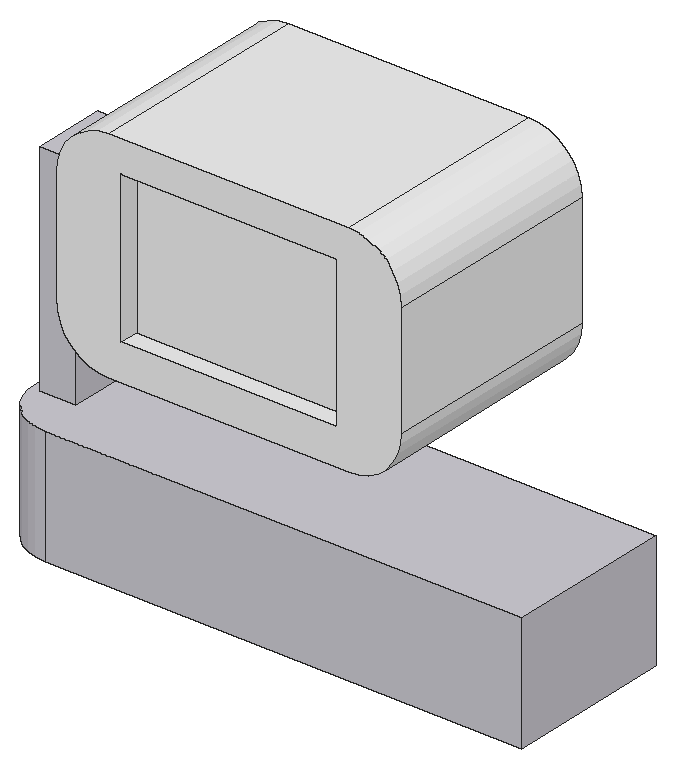
Revit family "Lighting-Track-Amerlux-DWW", category Lighting Fixtures, host Face, Revit 2020
Family settings
  Host = Face
  Round Connector Dimension = Use Diameter
  Part Type = Normal
  Cut with Voids When Loaded = No
  Light Source = No
  Shared = No
  Room Calculation Point = No
Parameters
  Voltage = 0 V
  Power Factor = 1
  Number of Poles = 1
  Material = Silver Finish
  Length = 7 1/2"
  Lamp = "LED"
  Input Wattage = ""
  URL = "http://www.amerlux.com"
  Model = "DWW"
  Manufacturer = "Amerlux"
  Keynote = ""
  Finish = ""
  Description = "Track Light Wallwash"
  Default Elevation = 48"
  Assembly Code = ""
  Apparent Load = 0 VA
Reference planes (in)
  plane 1 "Center (Front/Back)": y = 3.3831
  plane 2: z = -0.58996
  plane 3 "Center (Left/Right)": x = 0.98464
  plane 4: x = -2.76536
  plane 5: x = 4.73464
  plane 6: y = 4.5706
  plane 7: y = 2.1956
  plane 8: z = 4.66021
  plane 9: z = 4.29533
Forms (in)
  Extrusion 1, solid, material "White Finish"
    sketch origin (0, 3.3831, 0) x (-1, 0, 0) y (0, 0, 1)
      loop
        line (2.63141, 4.75544) -> (2.11992, 4.75544) -> (2.11992, 1.65489) -> (2.63141, 1.65489) -> (2.63141, 4.75544)
    from -0.51447 to 0.51928
  Extrusion 2, solid, material "White Finish"
    sketch origin (0.98464, 0, 0.01563) x (0, -1, 0) y (0, 0, 1)
      loop
        circle (-3.3831, 4.26393) r 0.5376
    from 2.70202 to 3.10456
  Extrusion 3, solid, material "White Finish"
    sketch origin (0, 0, 0) x (1, 0, 0) y (0, 1, 0)
      loop
        arc (-2.01536, 4.5706) -> (-2.54569, 4.35093) -> (-2.76536, 3.8206) r 0.75
        line (-2.76536, 3.8206) -> (-2.76536, 2.9456)
        arc (-2.76536, 2.9456) -> (-2.54569, 2.41527) -> (-2.01536, 2.1956) r 0.75
        line (-2.01536, 2.1956) -> (4.73464, 2.1956) -> (4.73464, 4.5706) -> (-2.01536, 4.5706)
    from 0 to 1.65489
Dimensions and locks (in)
  equal spacing: plane 5, plane 3 "Center (Left/Right)", plane 4
  plane 5 to plane 4 = 7 1/2"
  equal spacing: plane 6, plane 1 "Center (Front/Back)", plane 7
  plane 6 to plane 7 = 2 3/8"
  "Length": plane 5 to plane 4
  locked: level to plane 9 at 4.29533
  aligned and locked: plane 2 to host face
  aligned and locked: Extrusion 2 to Extrusion 1
  aligned and locked: plane 6 to Extrusion 3 sketch curve
  aligned and locked: plane 4 to Extrusion 3 sketch curve
  aligned and locked: Extrusion 3 sketch curve to plane 7
  aligned and locked: Extrusion 3 sketch curve to plane 5
Automatic sketch dimensions
  host sketch curve to host sketch curve = 21.49768"
  host sketch curve to host sketch curve = 12.39607"
  plane 8 to Extrusion 1 sketch curve = 0.09523"
  plane 4 to Extrusion 1 sketch curve = 0.64544"
  plane 4 to Extrusion 1 sketch curve = 0.13396"
  level to Extrusion 1 sketch curve = 1.65489"
  Extrusion 2 sketch curve to plane 1 "Center (Front/Back)" = 0"
  plane 1 "Center (Front/Back)" to Extrusion 3 sketch curve = 7/16"
  Extrusion 3 sketch curve to plane 1 "Center (Front/Back)" = 7/16"
  Extrusion 2 sketch curve to plane 8 = 0.38065"
  radius of Extrusion 2 sketch curve = 0.5376"
Nested families (in)
  nested 1: "Track Head" at (0.73464, 2.5081, 4.36217) x (1, 0, 0) z (0, 1, 0), type "Track Head"
Connectors (in)
  electrical at (-0.01536, 3.3831, 0), driven by "Number of Poles", driven by "Voltage", driven by "Apparent Load", driven by "Power Factor"
    settings: on Extrusion 3, index 1, voltage 0 V, apparent load 0 VA, apparent load phase1 0 VA, apparent load phase2 0 VA, apparent load phase3 0 VA, power factor 1, load classification "Other", number of poles 1, system type 31, power factor state 1, is connector primary yes, connector utility no, sub classification motor no, connector description ""
Definition of nested family "Track Head"
  Parameters (values of type "Track Head")
    Width = 3 1/16"
    Wattage = 9.2903 W
    built-in parameter 1150110 = 1 (stored number, unit not read)
    built-in parameter 1114217 = 1 (stored number, unit not read)
    Tilt Angle = 90.00°
    built-in parameter 1150109 = 1 (stored number, unit not read)
    built-in parameter 1150134 = 3
    built-in parameter 1150113 = 1 (stored number, unit not read)
    Photometric Web File = "Load File"
    built-in parameter 1150142 = (empty or 0)
    built-in parameter 1150105 = 109.82 (stored number, unit not read)
    Lumens = 1380 lm
    built-in parameter 1150115 = 1 (stored number, unit not read)
    built-in parameter 1150137 = (empty or 0)
    built-in parameter 1150139 = (empty or 0)
    Length = 4 13/16"
    Material = none
    built-in parameter 1150112 = 1 (stored number, unit not read)
    built-in parameter 1150114 = 1 (stored number, unit not read)
    built-in parameter 1150132 = (empty or 0)
    built-in parameter 1150102 = (empty or 0)
    built-in parameter 1150107 = 3200 (stored number, unit not read)
    built-in parameter 1150138 = (empty or 0)
    built-in parameter 1150106 = 1.0982 (stored number, unit not read)
    Emit from Rectangle Width = 3 1/16"
    Emit from Rectangle Length = 4 13/16"
    Emit Shape Visible in Rendering = no
    built-in parameter 1150104 = 13.8 (stored number, unit not read)
    Dimming Lamp Color Temperature Shift = (empty or 0)
    Default Elevation = 48"
    Color Filter = 16777215
    built-in parameter 1114218 = 1 (stored number, unit not read)
    built-in parameter 1150133 = 10 (stored number, unit not read)
    Assembly Code = ""
  Reference planes (in)
    plane 1 "Center (Front/Back)": y = 0
    plane 2: z = -0.07109
    plane 3 "Center (Left/Right)": x = 0
    plane 4: y = 2.40625
    plane 5: y = -2.40625
    plane 6: x = -1.53125
    plane 7: x = 1.53125
    plane 8: z = -2.38359
  Forms (in)
    Extrusion 1, solid
      sketch origin (0, 0, 0) x (1, 0, 0) y (0, 1, 0)
        loop
          line (-48, 48) -> (-48, -48) -> (48, -48) -> (48, 48) -> (-48, 48)
      from -0.07109 to -0.80444
    Extrusion 2, solid, material <- "Material"
      sketch origin (0.03125, -1.50779, 1.17891) x (0, 1, 0) y (-1, 0, 0)
        loop
          arc (3.08943, 1.73057) -> (2.86976, 2.2609) -> (2.33943, 2.48057) r 0.75
          line (2.33943, 2.48057) -> (0.73865, 2.48057)
          arc (0.73865, 2.48057) -> (0.20832, 2.2609) -> (-0.01135, 1.73057) r 0.75
          line (-0.01135, 1.73057) -> (-0.01135, -1.66807)
          arc (-0.01135, -1.66807) -> (0.20832, -2.1984) -> (0.73865, -2.41807) r 0.75
          line (0.73865, -2.41807) -> (2.33943, -2.41807)
          arc (2.33943, -2.41807) -> (2.86976, -2.1984) -> (3.08943, -1.66807) r 0.75
          line (3.08943, -1.66807) -> (3.08943, 1.73057)
      from -1.67263 to 1.51536
    Extrusion 3, void
      sketch origin (0, 0.0625, 0.46795) x (0, -1, 0) y (1, 0, 0)
        loop
          line (1.13081, -1.53125) -> (1.13081, 1.53125) -> (-1.00581, 1.53125) -> (-1.00581, -1.53125) -> (1.13081, -1.53125)
      from -0.96167 to -0.6867
  Cuts and joins
    Extrusion 3 cuts Extrusion 2
  Dimensions and locks (in)
    "Length": plane 4 to plane 5
    equal spacing: plane 7, plane 3 "Center (Left/Right)", plane 6
    "Width": plane 7 to plane 6
    equal spacing: Extrusion 3 sketch curve, plane 3 "Center (Left/Right)", Extrusion 3 sketch curve
    equal spacing: Extrusion 3 sketch curve, plane 1 "Center (Front/Back)", Extrusion 3 sketch curve
    aligned and locked: plane 2 to Extrusion 1
    aligned and locked: plane 3 "Center (Left/Right)" to imposter light
    aligned and locked: imposter light to cut or joined group of Extrusion 2, Extrusion 3
  Automatic sketch dimensions
    Extrusion 1 sketch curve to Extrusion 1 sketch curve = 96"  (x2)
    plane 7 to Extrusion 2 sketch curve = 0.16807"  (x2)
    Extrusion 2 sketch curve to plane 5 = 0.88711"
    plane 1 "Center (Front/Back)" to Extrusion 2 sketch curve = 0.76914"  (x2)
    Extrusion 2 sketch curve to plane 1 "Center (Front/Back)" = 0.83164"  (x2)
    Extrusion 2 sketch curve to plane 6 = 0.16807"
    Extrusion 3 sketch curve to plane 6 = 0"
    Extrusion 3 sketch curve to plane 1 "Center (Front/Back)" = 1.06831"
